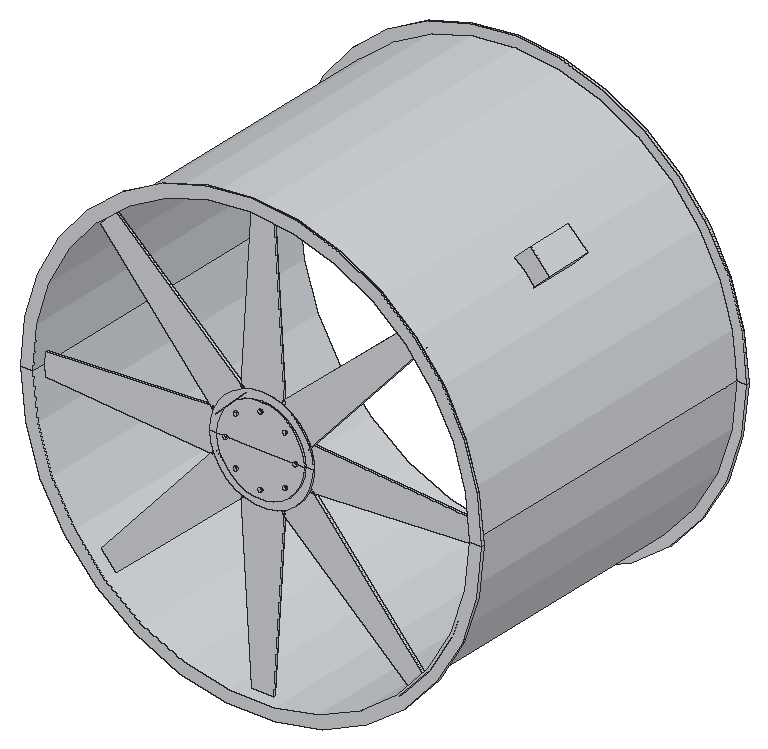
Revit family "CADS_Vent-Axia_MechEquip_Fan_LCA_1250_3Ph4P - EXTRACT", category Mechanical Equipment, Revit 2020
Family settings
  Round Connector Dimension = Use Diameter
  Part Type = Normal
  OmniClass Number = 23.75.00.00
  OmniClass Title = Climate Control (HVAC)
  Work Plane-Based = No
  Always vertical = Yes
  Cut with Voids When Loaded = No
  Shared = No
  Room Calculation Point = No
Parameters (values of type "LCA1253420")
  nr = NominalDiameter / 2  # 625 mm
  WorkingPressure = 0.0 Pa
  WarrantyStartDate [instance] = "1900-12-31T23:59:59"
  WarrantyPeriod = ""
  WarrantyIdentifier = "N/A"
  WarrantyGuarantorParts = "tech@vent-axia.com"
  WarrantyGuarantorLabor = "tech@vent-axia.com"
  WarrantyGuarantor = "Vent-Axia Limited"
  WarrantyEndDate [instance] = "1900-12-31T23:59:59"
  WarrantyContent = ""
  TemperatureRange = ""
  TagNumber [instance] = "N/A"
  SustainabilityPerformance = ""
  Status = "New"
  Size = ""
  Shape = ""
  ServiceLifeType = ""
  ServiceLifeDuration = ""
  SerialNumber [instance] = "N/A"
  ReplacementCost = ""
  RatedVoltage = 0 V
  RatedCurrent = 0 A
  Quantity = 1
  ProductionYear = ""
  PressureCurve = ""
  PowerFactor = ""
  PointOfContact = ""
  NumberOfPoles = 0
  NominalWidth = 1250 mm
  NominalLength = 950 mm
  NominalHeight = 1250 mm
  NominalFrequencyRange = ""
  NominalDiameter = 1250 mm
  ModelReference = "LCAX 1250mm 3PH 4P 20DEG"
  ModelNumber = "LCA1253420"
  Material = ""
  ManufacturerE-Mail = "tech@vent-axia.com"
  ManufacturerAddress = "Fleming Way\nCrawley \nRH10 9YX"
  IsExtendedWarranty = no
  InsulationStandardClass = ""
  InstallationDate [instance] = "1900-12-31T23:59:59"
  IfcExportType [instance] = ""
  IfcExportAs = "IfcFanType"
  IP_Code = ""
  HasProtectiveEarth = no
  GrossWeight = 0.00 kg
  Grade = ""
  GlobalTradeItemNumber [instance] = "N/A"
  Fitting Type = "Ignore"
  Finish = ""
  Features = ""
  ExteriorInsulation = no
  ExpectedServiceLife = 0
  Exclusions = ""
  DurationUnit = "Year"
  Default Elevation = 0 mm
  Constituents = ""
  ConductorFunction = ""
  Color = ""
  CodePerformance = ""
  Category = ""
  CADS_Usage = 0
  CADS_Index = 0
  AssetType = "FIXED"
  AssetIdentifier [instance] = "N/A"
  AssemblyPlace = "UNKNOWN"
  ArticleNumber [instance] = "N/A"
  AirflowRateRange = 0.0 L/s
  Air Flow [instance] = 0.0 L/s
  AccessibilityPerformance = ""
Types (8, lengths in mm): name | ModelReference | ModelNumber
  LCA1253420 | "LCAX 1250mm 3PH 4P 20DEG" | "LCA1253420"
  LCA1253422 | "LCAX 1250mm 3PH 4P 22DEG" | "LCA1253422"
  LCA1253424 | "LCAX 1250mm 3PH 4P 24DEG" | "LCA1253424"
  LCA1253426 | "LCAX 1250mm 3PH 4P 26DEG" | "LCA1253426"
  LCA1253428 | "LCAX 1250mm 3PH 4P 28DEG" | "LCA1253428"
  LCA1253430 | "LCAX 1250mm 3PH 4P 30DEG" | "LCA1253430"
  LCA1253432 | "LCAX 1250mm 3PH 4P 32DEG." | "LCA1253432"
  LCA1253434 | "LCAX 1250mm 3PH 4P 34DEG" | "LCA1253434"
Reference planes
  plane 1 "Center (Front/Back)": y = 0
  plane 2: z = 0
  plane 3 "Center (Left/Right)": x = 0
  plane 4: x = -625
  plane 5: x = 625
  plane 6 "F": y = -475
  plane 7 "B": y = 475
  plane 8: x = -660
  plane 9: y = 470
  plane 10: y = -470
  plane 11: x = -630
  plane 12: y = -435
  plane 13 "top": z = 625
  plane 14: z = -625
  plane 15 "45deg": through (0, -1524, 0) normal (-0.7071, 0, -0.7071)
  plane 16 "C": through (0, -1524, 0) normal (-0.7071, 0, 0.7071)
Forms (mm)
  Revolve 1, solid
    sketch origin (0, 0, 0) x (1, 0, 0) y (0, 1, 0)
      loop
        line (-660, -475) -> (-625, -475) -> (-625, 475) -> (-660, 475) -> (-660, 470) -> (-630, 470) -> (-630, -470) -> (-660, -470) -> (-660, -475)
      axis (0, 475) -> (0, -475)
    angle from 0 to 360
  Sweep 2, solid
    path origin (0, 0, 0) x (1, 0, 0) y (0, 0, 1)
      loop
        line (441.942, 441.942) -> (487.904, 487.904)
    profile origin (464.923, 0, 464.923) x (-0.707107, 0, 0.707107) y (0, -1, 0)
      loop
        line (37.5, 55) -> (-42.73, 55) -> (-42.73, -79.5) -> (37.5, -79.5) -> (37.5, 55)
Dimensions and locks
  equal spacing: plane 4, plane 3 "Center (Left/Right)", plane 5
  equal spacing: plane 7 "B", plane 1 "Center (Front/Back)", plane 6 "F"
  "NominalLength": plane 7 "B" to plane 6 "F"
  "NominalDiameter": plane 4 to plane 5
  locked: plane 11 to plane 4 at 5
  locked: plane 8 to plane 11 at 30
  locked: plane 6 "F" to plane 10 at 5
  locked: plane 7 "B" to plane 9 at 5
  locked: plane 6 "F" to plane 12 at 40
  equal spacing: plane 13 "top", level, plane 14
  "NominalDiameter": plane 13 "top" to plane 14
  "nr": Sweep 2 sketch curve to nested 13
  Sweep 2 sketch curve to Sweep 2 sketch curve = 65 mm
  aligned and locked: level to plane 2
  aligned and locked: nested 1 to plane 12
Automatic sketch dimensions
  plane 6 "F" to Revolve 1 sketch curve = 0 mm
  Revolve 1 sketch curve to plane 8 = 0 mm  (x2)
  plane 10 to Revolve 1 sketch curve = 0 mm
  Revolve 1 sketch curve to plane 11 = 0 mm
  Revolve 1 sketch curve to plane 4 = 0 mm
  Revolve 1 sketch curve to plane 3 "Center (Left/Right)" = 0 mm
  plane 1 "Center (Front/Back)" to Revolve 1 sketch curve = 0 mm
  Revolve 1 sketch curve to plane 9 = 0 mm
  Revolve 1 sketch curve to plane 7 "B" = 0 mm
  plane 6 "F" to Revolve 1 sketch curve = 115 mm
  plane 1 "Center (Front/Back)" to Sweep 2 sketch curve = 55 mm
  Sweep 2 sketch curve to profile plane = 37.5 mm
  Sweep 2 sketch curve to Sweep 2 sketch curve = 80.23 mm
  Sweep 2 sketch curve to Sweep 2 sketch curve = 134.5 mm
  Sweep 2 sketch curve to plane 16 "C" = 0 mm  (x2)
Nested families
  nested 1: "Fan for ESC" at (0, -435, 0), ND <- "NominalDiameter", type "Fan for ESC"
    with hub 125 mm, ND 1250 mm, BoltPCD 100 mm, Bolt Count 8, B_Diam 10 mm
  nested 2: "Bolts" at (0, -444.172, -100) x (-1, 0, 0) z (0, 1, 0), type "Bolts"
    with bd 10 mm
  nested 3: "Bolts" at (-70.711, -444.172, -70.711) x (-0.7071, 0, 0.7071) z (0, 1, 0), type "Bolts"
    with bd 10 mm
  nested 4: "Bolts" at (-100, -444.172, 0) x (0, 0, 1) z (0, 1, 0), type "Bolts"
    with bd 10 mm
  nested 5: "Bolts" at (-70.711, -444.172, 70.711) x (0.7071, 0, 0.7071) z (0, 1, 0), type "Bolts"
    with bd 10 mm
  nested 6: "Bolts" at (70.711, -444.172, 70.711) x (0.7071, 0, -0.7071) z (0, 1, 0), type "Bolts"
    with bd 10 mm
  nested 7: "Bolts" at (0, -444.172, 100) x (1, 0, 0) z (0, 1, 0), type "Bolts"
    with bd 10 mm
  nested 8: "ESC Blade" at (0, -435, 0), type "ESC Blade"
    with a 20.00°, HR 125 mm, HD 250 mm, BT 62.5 mm, BR 500 mm, BH 40 mm, BD 1250 mm, BB 125 mm
  nested 9: "ESC Blade" at (0, -435, 0) x (0.7071, 0, -0.7071) z (0.7071, 0, 0.7071), type "ESC Blade"
    with a 20.00°, HR 125 mm, HD 250 mm, BT 62.5 mm, BR 500 mm, BH 40 mm, BD 1250 mm, BB 125 mm
  nested 10: "ESC Blade" at (0, -435, 0) x (0, 0, -1) z (1, 0, 0), type "ESC Blade"
    with a 20.00°, HR 125 mm, HD 250 mm, BT 62.5 mm, BR 500 mm, BH 40 mm, BD 1250 mm, BB 125 mm
  nested 11: "ESC Blade" at (0, -435, 0) x (-0.7071, 0, -0.7071) z (0.7071, 0, -0.7071), type "ESC Blade"
    with a 20.00°, HR 125 mm, HD 250 mm, BT 62.5 mm, BR 500 mm, BH 40 mm, BD 1250 mm, BB 125 mm
  nested 12: "ESC Blade" at (0, -435, 0) x (-1, 0, 0) z (0, 0, -1), type "ESC Blade"
    with a 20.00°, HR 125 mm, HD 250 mm, BT 62.5 mm, BR 500 mm, BH 40 mm, BD 1250 mm, BB 125 mm
  nested 13: "ESC Blade" at (0, -435, 0) x (-0.7071, 0, -0.7071) z (-0.7071, 0, 0.7071), type "ESC Blade"
    with a 20.00°, HR 125 mm, HD 250 mm, BT 62.5 mm, BR 500 mm, BH 40 mm, BD 1250 mm, BB 125 mm
  nested 14: "ESC Blade" at (0, -435, 0) x (0, 0, -1) z (-1, 0, 0), type "ESC Blade"
    with a 20.00°, HR 125 mm, HD 250 mm, BT 62.5 mm, BR 500 mm, BH 40 mm, BD 1250 mm, BB 125 mm
  nested 15: "ESC Blade" at (0, -435, 0) x (0.7071, 0, -0.7071) z (-0.7071, 0, -0.7071), type "ESC Blade"
    with a 20.00°, HR 125 mm, HD 250 mm, BT 62.5 mm, BR 500 mm, BH 40 mm, BD 1250 mm, BB 125 mm
  nested 16: "Bolts" at (100, -444.172, 0) x (0, 0, -1) z (0, 1, 0), type "Bolts"
    with bd 10 mm
  nested 17: "Bolts" at (70.711, -444.172, -70.711) x (-0.7071, 0, -0.7071) z (0, 1, 0), type "Bolts"
    with bd 10 mm
Connectors
  hvac at (0, -475, 0), driven by "NominalDiameter", driven by "Air Flow"
    settings: on Revolve 1, index 1, duct flow 0.0 L/s, flow factor 0, pres drop 0.0 Pa, loss coef 0, conn angle 0.00°, conn width 304.8 mm, conn height 304.8 mm, conn diameter 1250 mm, duct sys type 2, conn prof type 0, flow config 0, flow direction 1, loss method 0, conn ref index -1, conn util no, is conn primary yes, conn desc ""
  hvac at (0, 475, 0), driven by "NominalDiameter", driven by "Air Flow"
    settings: on Revolve 1, index 2, duct flow 0.0 L/s, flow factor 0, pres drop 0.0 Pa, loss coef 0, conn angle 0.00°, conn width 304.8 mm, conn height 304.8 mm, conn diameter 1250 mm, duct sys type 3, conn prof type 0, flow config 1, flow direction 2, loss method 0, conn ref index -1, conn util no, is conn primary no, conn desc ""
Definition of nested family "Fan for ESC"
  Parameters (values of type "Fan for ESC")
    hub [instance] = ND / 10  # 56.7 mm
    ND [instance] = 567 mm
    Model = "."
    Default Elevation = 0 mm
    BoltPCD [instance] = hub - (hub * 0.2)  # 45.36 mm
    Bolt Count [instance] = if(hub < 50 mm, 6, 8)  # 8
    B_Diam [instance] = if(hub < 50 mm, 5 mm, 10 mm)  # 10 mm
  Reference planes
    plane 1 "Center (Front/Back)": y = 0
    plane 2: z = 0
    plane 3 "Center (Left/Right)": x = 0
    plane 4 "back": y = 20
    plane 5 "bolts": y = -9.172
    plane 6 "B": z = 56.7
    plane 7: x = -79.287
    plane 8: x = -56.7
    plane 9 "hubface": y = -6.172
  Forms (mm)
    Revolve 1, solid
      sketch origin (0, 0, 0) x (1, 0, 0) y (0, 1, 0)
        loop
          line (0, 20) -> (-56.7, 20) -> (-56.7, 10.504) -> (-79.287, 10.504) -> (-79.287, -2.597) -> (-56.7, -2.597) -> (-56.7, -6.172) -> (0, -6.172) -> (0, 20)
        axis (0, 20) -> (0, -6.172)
      angle from 0 to 360
    Extrusion 2, solid, not visible
      sketch origin (0, -6.347, -4) x (-1, 0, 0) y (0, 0, 1)
        loop
          circle (0, 84) r 5
      from 0 to 3
  Lines and regions (mm)
    symbolic lines
      curve 1: circle (0, -9.172, 0) r 45.36 normal (0, 1, 0)
    model lines, not visible
      curve 2: line (0, -6.347, 85) -> (0, -6.347, 75)
  Dimensions and locks
    "hub": plane 6 "B" to plane 2
    "hub": nested 3 to plane 3 "Center (Left/Right)"
    "hub": nested 4 to plane 3 "Center (Left/Right)"
    "hub": nested 5 to plane 3 "Center (Left/Right)"
    "hub": plane 3 "Center (Left/Right)" to nested 6
    "hub": Revolve 1 sketch curve to Revolve 1 sketch curve
    "hub": plane 3 "Center (Left/Right)" to nested 7
    "hub": plane 3 "Center (Left/Right)" to nested 8
    "hub": plane 3 "Center (Left/Right)" to nested 9
    "hub": plane 8 to plane 3 "Center (Left/Right)"
    plane 7 to plane 8 = 22.587 mm
    diameter of Extrusion 2 sketch curve = 10 mm
    "BoltPCD": radius of curve 1
    "BoltPCD": radius of radial array
    aligned and locked: level to plane 2
    aligned and locked: plane 6 "B" to nested 1
  Automatic sketch dimensions
    Revolve 1 sketch curve to plane 7 = 0 mm
    Revolve 1 sketch curve to plane 8 = 0 mm  (x2)
    Revolve 1 sketch curve to plane 3 "Center (Left/Right)" = 0 mm
    Revolve 1 sketch curve to plane 9 "hubface" = 0 mm
    plane 4 "back" to Revolve 1 sketch curve = 0 mm
    plane 1 "Center (Front/Back)" to Revolve 1 sketch curve = 2.597 mm
    plane 4 "back" to Revolve 1 sketch curve = 9.496 mm
    Revolve 1 sketch curve to Revolve 1 sketch curve = 5 mm
    Revolve 1 sketch curve to plane 4 "back" = 45 mm
    curve 1 to level = 0 mm
    curve 1 to plane 3 "Center (Left/Right)" = 0 mm
  Nested families
    nested 1: "ESC Blade" at (0, 0, 0), BD <- "ND", HD <- "hub", type "ESC Blade"
      with a 20.00°, HR 56.7 mm, HD 113.4 mm, BT 28.35 mm, BR 226.8 mm, BH 40 mm, BD 567 mm, BB 56.7 mm
    nested 2: "ESC Blade" at (0, 0, 755), BD <- "ND", HD <- "hub", type "ESC Blade", not visible
      with a 20.00°, HR 56.7 mm, HD 113.4 mm, BT 28.35 mm, BR 226.8 mm, BH 40 mm, BD 567 mm, BB 56.7 mm
    nested 3: "ESC Blade" at (0, 0, 0) x (0.7071, 0, -0.7071) z (0.7071, 0, 0.7071), BD <- "ND", HD <- "hub", type "ESC Blade"
      with a 20.00°, HR 56.7 mm, HD 113.4 mm, BT 28.35 mm, BR 226.8 mm, BH 40 mm, BD 567 mm, BB 56.7 mm
    nested 4: "ESC Blade" at (0, 0, 0) x (0, 0, -1) z (1, 0, 0), BD <- "ND", HD <- "hub", type "ESC Blade"
      with a 20.00°, HR 56.7 mm, HD 113.4 mm, BT 28.35 mm, BR 226.8 mm, BH 40 mm, BD 567 mm, BB 56.7 mm
    nested 5: "ESC Blade" at (0, 0, 0) x (-0.7071, 0, -0.7071) z (0.7071, 0, -0.7071), BD <- "ND", HD <- "hub", type "ESC Blade"
      with a 20.00°, HR 56.7 mm, HD 113.4 mm, BT 28.35 mm, BR 226.8 mm, BH 40 mm, BD 567 mm, BB 56.7 mm
    nested 6: "ESC Blade" at (0, 0, 0) x (-1, 0, 0) z (0, 0, -1), BD <- "ND", HD <- "hub", type "ESC Blade"
      with a 20.00°, HR 56.7 mm, HD 113.4 mm, BT 28.35 mm, BR 226.8 mm, BH 40 mm, BD 567 mm, BB 56.7 mm
    nested 7: "ESC Blade" at (0, 0, 0) x (-0.7071, 0, -0.7071) z (-0.7071, 0, 0.7071), BD <- "ND", HD <- "hub", type "ESC Blade"
      with a 20.00°, HR 56.7 mm, HD 113.4 mm, BT 28.35 mm, BR 226.8 mm, BH 40 mm, BD 567 mm, BB 56.7 mm
    nested 8: "ESC Blade" at (0, 0, 0) x (0, 0, -1) z (-1, 0, 0), BD <- "ND", HD <- "hub", type "ESC Blade"
      with a 20.00°, HR 56.7 mm, HD 113.4 mm, BT 28.35 mm, BR 226.8 mm, BH 40 mm, BD 567 mm, BB 56.7 mm
    nested 9: "ESC Blade" at (0, 0, 0) x (0.7071, 0, -0.7071) z (-0.7071, 0, -0.7071), BD <- "ND", HD <- "hub", type "ESC Blade"
      with a 20.00°, HR 56.7 mm, HD 113.4 mm, BT 28.35 mm, BR 226.8 mm, BH 40 mm, BD 567 mm, BB 56.7 mm
    nested 10: "Bolts" at (0, -9.172, 45.36) x (1, 0, 0) z (0, 1, 0), bd <- "B_Diam", type "Bolts"
      with bd 10 mm
    nested 11: "Bolts" at (32.074, -9.172, 32.074) x (0.7071, 0, -0.7071) z (0, 1, 0), bd <- "B_Diam", type "Bolts"
      with bd 10 mm
    nested 12: "Bolts" at (-32.074, -9.172, 32.074) x (0.7071, 0, 0.7071) z (0, 1, 0), bd <- "B_Diam", type "Bolts"
      with bd 10 mm
    nested 13: "Bolts" at (-45.36, -9.172, 0) x (0, 0, 1) z (0, 1, 0), bd <- "B_Diam", type "Bolts"
      with bd 10 mm
    nested 14: "Bolts" at (-32.074, -9.172, -32.074) x (-0.7071, 0, 0.7071) z (0, 1, 0), bd <- "B_Diam", type "Bolts"
      with bd 10 mm
    nested 15: "Bolts" at (0, -9.172, -45.36) x (-1, 0, 0) z (0, 1, 0), bd <- "B_Diam", type "Bolts"
      with bd 10 mm
    nested 16: "Bolts" at (32.074, -9.172, -32.074) x (-0.7071, 0, -0.7071) z (0, 1, 0), bd <- "B_Diam", type "Bolts"
      with bd 10 mm
    nested 17: "Bolts" at (45.36, -9.172, 0) x (0, 0, -1) z (0, 1, 0), bd <- "B_Diam", type "Bolts"
      with bd 10 mm
  Definition of nested family "ESC Blade"
    Parameters (values of type "ESC Blade")
      a [instance] = 20.00°
      HR [instance] = HD / 2  # 30 mm
      HD [instance] = BD / 5  # 60 mm
      Default Elevation = 1219.2 mm
      BT [instance] = BD / 20  # 15 mm
      BR [instance] = (BD / 2) - HR  # 120 mm
      BH [instance] = 40 mm
      BD [instance] = 300 mm
      BB [instance] = BD / 10  # 30 mm
    Reference planes
      plane 1 "Center (Front/Back)": y = 0
      plane 2: z = 0
      plane 3 "Center (Left/Right)": x = 0
      plane 4 "Blade Bot": z = 30
      plane 5: x = -15
      plane 6: x = 15
      plane 7: x = -7.5
      plane 8: x = 7.5
    Forms (mm)
      Blend 1, solid
        base sketch origin (0, 0, 30) x (-1, 0, 0) y (0, -1, 0)
          loop
            line (15, 0) -> (-15, 0) -> (-15, -6) -> (15, -6) -> (15, 0)
        top sketch origin (0, 0, 30) x (-1, 0, 0) y (0, -1, 0)
          loop
            line (7.5, -6) -> (7.5, 0) -> (-7.5, 0) -> (-7.5, -6) -> (7.5, -6)
        from 0 to 120 <- "BR"
    Dimensions and locks
      "HR": plane 4 "Blade Bot" to level
      equal spacing: plane 8, plane 3 "Center (Left/Right)", plane 7
      "BT": plane 8 to plane 7
      equal spacing: plane 6, plane 3 "Center (Left/Right)", plane 5
      "BB": plane 6 to plane 5
      aligned and locked: level to plane 2
    Automatic sketch dimensions
      plane 1 "Center (Front/Back)" to Blend 1 sketch curve = 0 mm  (x2)
      Blend 1 sketch curve to plane 6 = 0 mm
      Blend 1 sketch curve to plane 5 = 0 mm
      Blend 1 sketch curve to plane 1 "Center (Front/Back)" = 6 mm  (x2)
      Blend 1 sketch curve to plane 8 = 0 mm
      Blend 1 sketch curve to plane 7 = 0 mm
  Definition of nested family "Bolts"
    Parameters
      bd [instance] = 10 mm
      Default Elevation = 1219.2 mm
    Reference planes
      plane 1 "Center (Front/Back)": y = 0
      plane 2: z = 0
      plane 3 "Center (Left/Right)": x = 0
    Forms (mm)
      Extrusion 1, solid
        sketch origin (0, 0, 0) x (1, 0, 0) y (0, 1, 0)
          loop
            line (-1219.2, 1219.2) -> (-1219.2, -1219.2) -> (1219.2, -1219.2) -> (1219.2, 1219.2) -> (-1219.2, 1219.2)
        from 0 to -304.8
      Extrusion 2, solid
        sketch origin (0, 0, 0) x (1, 0, 0) y (0, 1, 0)
          loop
            circle (0, 0) r 5
        from 0 to 3
    Dimensions and locks
      "bd": diameter of Extrusion 2 sketch curve
      aligned and locked: plane 2 to Extrusion 1
      aligned and locked: level to Extrusion 1
    Automatic sketch dimensions
      Extrusion 1 sketch curve to Extrusion 1 sketch curve = 2438.4 mm  (x2)
      plane 1 "Center (Front/Back)" to Extrusion 2 sketch curve = 0 mm
      Extrusion 2 sketch curve to plane 3 "Center (Left/Right)" = 0 mm
Definition of nested family "Bolts"
  Parameters
    bd [instance] = 10 mm
    Default Elevation = 1219.2 mm
  Reference planes
    plane 1 "Center (Front/Back)": y = 0
    plane 2: z = 0
    plane 3 "Center (Left/Right)": x = 0
  Forms (mm)
    Extrusion 1, solid
      sketch origin (0, 0, 0) x (1, 0, 0) y (0, 1, 0)
        loop
          line (-1219.2, 1219.2) -> (-1219.2, -1219.2) -> (1219.2, -1219.2) -> (1219.2, 1219.2) -> (-1219.2, 1219.2)
      from 0 to -304.8
    Extrusion 2, solid
      sketch origin (0, 0, 0) x (1, 0, 0) y (0, 1, 0)
        loop
          circle (0, 0) r 5
      from 0 to 3
  Dimensions and locks
    "bd": diameter of Extrusion 2 sketch curve
    aligned and locked: plane 2 to Extrusion 1
    aligned and locked: level to Extrusion 1
  Automatic sketch dimensions
    Extrusion 1 sketch curve to Extrusion 1 sketch curve = 2438.4 mm  (x2)
    plane 1 "Center (Front/Back)" to Extrusion 2 sketch curve = 0 mm
    Extrusion 2 sketch curve to plane 3 "Center (Left/Right)" = 0 mm
Definition of nested family "ESC Blade"
  Parameters (values of type "ESC Blade")
    a [instance] = 20.00°
    HR [instance] = HD / 2  # 30 mm
    HD [instance] = BD / 5  # 60 mm
    Default Elevation = 1219.2 mm
    BT [instance] = BD / 20  # 15 mm
    BR [instance] = (BD / 2) - HR  # 120 mm
    BH [instance] = 40 mm
    BD [instance] = 300 mm
    BB [instance] = BD / 10  # 30 mm
  Reference planes
    plane 1 "Center (Front/Back)": y = 0
    plane 2: z = 0
    plane 3 "Center (Left/Right)": x = 0
    plane 4 "Blade Bot": z = 30
    plane 5: x = -15
    plane 6: x = 15
    plane 7: x = -7.5
    plane 8: x = 7.5
  Forms (mm)
    Blend 1, solid
      base sketch origin (0, 0, 30) x (-1, 0, 0) y (0, -1, 0)
        loop
          line (15, 0) -> (-15, 0) -> (-15, -6) -> (15, -6) -> (15, 0)
      top sketch origin (0, 0, 30) x (-1, 0, 0) y (0, -1, 0)
        loop
          line (7.5, -6) -> (7.5, 0) -> (-7.5, 0) -> (-7.5, -6) -> (7.5, -6)
      from 0 to 120 <- "BR"
  Dimensions and locks
    "HR": plane 4 "Blade Bot" to level
    equal spacing: plane 8, plane 3 "Center (Left/Right)", plane 7
    "BT": plane 8 to plane 7
    equal spacing: plane 6, plane 3 "Center (Left/Right)", plane 5
    "BB": plane 6 to plane 5
    aligned and locked: level to plane 2
  Automatic sketch dimensions
    plane 1 "Center (Front/Back)" to Blend 1 sketch curve = 0 mm  (x2)
    Blend 1 sketch curve to plane 6 = 0 mm
    Blend 1 sketch curve to plane 5 = 0 mm
    Blend 1 sketch curve to plane 1 "Center (Front/Back)" = 6 mm  (x2)
    Blend 1 sketch curve to plane 8 = 0 mm
    Blend 1 sketch curve to plane 7 = 0 mm
